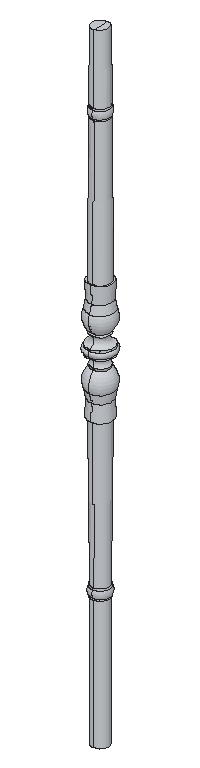
Revit family "234", category Balusters, Revit 2023
Family settings
  OmniClass Number = 23.30.80.11.11.14
  OmniClass Title = Posts, Newel Posts, Pickets
  Always vertical = Yes
  Cut with Voids When Loaded = No
  Shared = No
Parameters
  built-in parameter 1008623 [instance] = 32.47°
  built-in parameter 1008625 [instance] = (empty or 0)
  Post = no
  built-in parameter 1008624 [instance] = 32.47°
  built-in parameter 1008622 [instance] = 3' - 4"
Reference planes (in)
  plane 1 "Center (Front/Back)": y = 0
  plane 2: z = 0
  plane 3 "Center (Left/Right)": x = 0
  plane 4 "Top": z = 40
  plane 5 "Top Cut Angle": through (0, 13.58797, 31.35351) normal (0, -0.5369, -0.8437)
  plane 6 "Bottom Cut Angle": through (0, 0, 0) normal (0, -0.5369, -0.8437)
Forms (in)
  Revolve 1, solid
    sketch origin (0, 0, 0) x (0, 1, 0) y (0, 0, 1)
      loop
        line (0.50566, 40) -> (0, 40) -> (0, 0) -> (0.50566, 0) -> (0.50566, 8.26432) -> (0.58303, 8.26432) -> (0.58303, 8.34439)
        arc (0.58303, 8.34439) -> (0.63891, 8.58457) -> (0.58303, 8.82476) r 0.54406
        line (0.58303, 8.82476) -> (0.58303, 8.90482) -> (0.53468, 8.90482) -> (0.58913, 18.23021) -> (0.74518, 18.23021)
        arc (0.74518, 18.23021) -> (0.69268, 18.74784) -> (0.69195, 19.26813) r 5.22236
        line (0.69195, 19.26813) -> (0.7984, 19.82701)
        arc (0.7984, 19.82701) -> (0.87247, 20.47185) -> (0.53227, 21.02462) r 0.99273
        line (0.53227, 21.02462) -> (0.5855, 21.15768)
        arc (0.5855, 21.15768) -> (0.50163, 21.54342) -> (0.82502, 21.76979) r 0.35632
        line (0.82502, 21.76979) -> (0.82502, 21.87625)
        arc (0.82502, 21.87625) -> (0.93147, 22.03593) -> (0.82502, 22.19561) r 0.17299
        line (0.82502, 22.19561) -> (0.82502, 22.30206)
        arc (0.82502, 22.30206) -> (0.50163, 22.52844) -> (0.5855, 22.91417) r 0.35632
        line (0.5855, 22.91417) -> (0.53227, 23.04724)
        arc (0.53227, 23.04724) -> (0.87247, 23.60001) -> (0.7984, 24.24484) r 0.99273
        line (0.7984, 24.24484) -> (0.69195, 24.80373)
        arc (0.69195, 24.80373) -> (0.69268, 25.32402) -> (0.74518, 25.84165) r 5.22236
        line (0.74518, 25.84165) -> (0.61211, 25.84165) -> (0.54331, 34.9921) -> (0.57763, 34.9921) -> (0.57763, 35.07216)
        arc (0.57763, 35.07216) -> (0.63352, 35.31235) -> (0.57763, 35.55254) r 0.54406
        line (0.57763, 35.55254) -> (0.57763, 35.6326) -> (0.53849, 35.6326) -> (0.50566, 40)
      axis (0, 40) -> (0, 0)
    angle from 0 to 360
Text (in)
  text "Baluster Elevation" at (0, 56.5946, 48.5925), in view "Left"
Dimensions and locks (in)
  "built-in parameter 1008622": plane 2 to plane 4 "Top"
  "built-in parameter 1008623": angle plane 4 "Top" to plane 5 "Top Cut Angle"
  "built-in parameter 1008624": angle level to plane 6 "Bottom Cut Angle"
  aligned and locked: plane 2 to level
Automatic sketch dimensions
  Revolve 1 sketch curve to plane 1 "Center (Front/Back)" = 0' - 0"  (x2)
  plane 4 "Top" to Revolve 1 sketch curve = 0' - 0"
  Revolve 1 sketch curve to level = 0' - 0"
  plane 1 "Center (Front/Back)" to Revolve 1 sketch curve = 0' - 0.09662"  (x2)
  Revolve 1 sketch curve to plane 1 "Center (Front/Back)" = 0' - 0.08945"
  Revolve 1 sketch curve to plane 1 "Center (Front/Back)" = 0' - 0.09485"
  Revolve 1 sketch curve to plane 1 "Center (Front/Back)" = 0' - 0.50566"  (x2)
  Revolve 1 sketch curve to plane 1 "Center (Front/Back)" = 0' - 0.53227"  (x2)
  Revolve 1 sketch curve to plane 1 "Center (Front/Back)" = 0' - 0.53849"
  Revolve 1 sketch curve to plane 1 "Center (Front/Back)" = 0' - 0.54331"
  Revolve 1 sketch curve to Revolve 1 sketch curve = 0' - 0.03914"
  Revolve 1 sketch curve to Revolve 1 sketch curve = 0' - 0.03432"
  Revolve 1 sketch curve to Revolve 1 sketch curve = 0' - 0.07737"
  Revolve 1 sketch curve to Revolve 1 sketch curve = 0' - 0"
  Revolve 1 sketch curve to Revolve 1 sketch curve = 0' - 0.05323"  (x2)
  Revolve 1 sketch curve to plane 1 "Center (Front/Back)" = 0' - 0.61211"
  Revolve 1 sketch curve to plane 1 "Center (Front/Back)" = 0' - 0.69195"  (x2)
  Revolve 1 sketch curve to Revolve 1 sketch curve = 0' - 0.13307"  (x3)
  Revolve 1 sketch curve to Revolve 1 sketch curve = 0' - 0.15605"
  Revolve 1 sketch curve to plane 1 "Center (Front/Back)" = 0' - 0.75848"
  Revolve 1 sketch curve to Revolve 1 sketch curve = 0' - 0.10645"  (x4)
  Revolve 1 sketch curve to Revolve 1 sketch curve = 0' - 0.06653"  (x2)
  Revolve 1 sketch curve to Revolve 1 sketch curve = 0' - 0.00843"  (x2)
  Revolve 1 sketch curve to Revolve 1 sketch curve = 0' - 5.10978"  (x2)
  level to Revolve 1 sketch curve = 0' - 8.26432"
  Revolve 1 sketch curve to Revolve 1 sketch curve = 0' - 0.08006"  (x4)
  Revolve 1 sketch curve to Revolve 1 sketch curve = 0' - 0.32025"
  Revolve 1 sketch curve to Revolve 1 sketch curve = 0' - 0.7851"
  Revolve 1 sketch curve to Revolve 1 sketch curve = 0' - 0.55888"  (x2)
  Revolve 1 sketch curve to Revolve 1 sketch curve = 0' - 0.42948"
  Revolve 1 sketch curve to Revolve 1 sketch curve = 0' - 0.25589"
  Revolve 1 sketch curve to Revolve 1 sketch curve = 0' - 0.15968"
  Revolve 1 sketch curve to Revolve 1 sketch curve = 0' - 0.35622"
  Revolve 1 sketch curve to Revolve 1 sketch curve = 0' - 0.76813"
  Revolve 1 sketch curve to Revolve 1 sketch curve = 0' - 0.81171"
  plane 4 "Top" to Revolve 1 sketch curve = 0' - 5.0079"
  Revolve 1 sketch curve to Revolve 1 sketch curve = 0' - 0.24019"
  Revolve 1 sketch curve to Revolve 1 sketch curve = 0' - 0.04835"
  Revolve 1 sketch curve to Revolve 1 sketch curve = 0' - 0.87655"
  Revolve 1 sketch curve to plane 4 "Top" = 0' - 1.12345"
  Revolve 1 sketch curve to plane 1 "Center (Front/Back)" = 0' - 0.58913"
  Revolve 1 sketch curve to Revolve 1 sketch curve = 0' - 9.32539"
